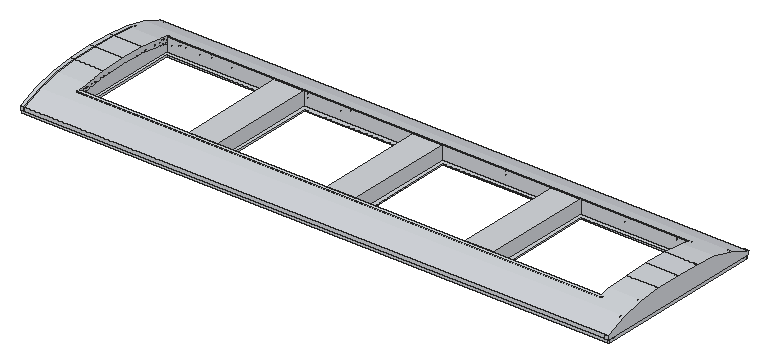
Revit family "Gira_0214733", category Electrical Fixtures, host Face, Revit 2017
Family settings
  Host = Face
  Maintain Annotation Orientation = No
  Round Connector Dimension = Use Diameter
  Part Type = Normal
  Cut with Voids When Loaded = No
  Shared = No
  Room Calculation Point = No
Parameters (values of type "Cov.fr. 4-g interm.fr. PW Gira Event Clear black")
  URL = "http://katalog.gira.de/en/datenblatt.html?artikelnr=0214733"
  Transparent = "No"
  Name = "Cov.fr. 4-g interm.fr. PW Gira Event Clear black"
  Manufacturer URL = "https://www.gira.de/"
  Manufacturer = "Gira"
  Label space/information surface = "No"
  Keynote = ""
  HeinzeBIM = "https://bimportal.heinze.de/bim/cov-fr-4-g-interm-fr-pw-gira-event-clear-black/3bb1940b64b8c304b95d7f683a54b8b8dd92617c"
  HAN = "0214733"
  GTIN = "4010337068839"
  Description = "Cov.fr.4g i.fr.PW EvCl BK,Gira Event Clear cover frame,black with pure white glossy intermediate frame,4-gang,Features:,- Shatter-proof."
  Default Elevation = 1219.2 mm
  Data sheet (1) = "https://katalog.gira.de/en/download.html?artikelnr=0214733"
  Category = "Cover frame for domestic switching devices"
  BIM (1) = "https://media.stage.bim.site/public/gira/36a6b08/Event_Rahmen_4fach.rfa"
  Available = "No"
Reference planes
  plane 1 "Center (Front/Back)": y = 0
  plane 2: z = 0
  plane 3 "Center (Left/Right)": x = 0
Forms (mm)
  Extrusion 1, solid, detail levels fine
    sketch origin (0, 0, 0.05) x (0, 1, 0) y (0, 0, 1)
      loop
        arc (12.445, 9.683) -> (6.223, 9.833) -> (0, 9.85) r 291.636
        arc (0, 9.85) -> (-6.223, 9.833) -> (-12.445, 9.683) r 291.636
        arc (-12.445, 9.683) -> (-29.14, 7.482) -> (-45, 1.823) r 79.728
        line (-45, 1.823) -> (-45, -0.05) -> (-42.086, -0.05)
        arc (-42.086, -0.05) -> (-21.385, 5.559) -> (0, 7.206) r 114.424
        arc (0, 7.206) -> (21.385, 5.559) -> (42.086, -0.05) r 114.424
        line (42.086, -0.05) -> (45, -0.05) -> (45, 1.823)
        arc (45, 1.823) -> (29.14, 7.482) -> (12.445, 9.683) r 79.728
    from -151.95 to 151.935
  Extrusion 2, void, detail levels fine
    sketch origin (0, 0, 0) x (1, 0, 0) y (0, 1, 0)
      loop
        line (134.95, 28.035) -> (-134.95, 28.035) -> (-134.95, -28.035) -> (134.95, -28.035) -> (134.95, 28.035)
    from 0.724 to 11
  Extrusion 3, solid, detail levels coarse
    sketch origin (0, 0, 0) x (1, 0, 0) y (0, 1, 0)
      loop
        line (-151.95, 45) -> (-151.95, -45) -> (151.935, -45) -> (151.935, 45) -> (-151.95, 45)
    from -1.5 to 9.9
  Extrusion 4, solid, detail levels medium
    sketch origin (0, 0, 0.05) x (0, 1, 0) y (0, 0, 1)
      loop
        arc (12.445, 9.683) -> (6.223, 9.833) -> (0, 9.85) r 291.636
        arc (0, 9.85) -> (-6.223, 9.833) -> (-12.445, 9.683) r 291.636
        arc (-12.445, 9.683) -> (-29.14, 7.482) -> (-45, 1.823) r 79.728
        line (-45, 1.823) -> (-45, -0.05) -> (45, -0.05) -> (45, 1.823)
        arc (45, 1.823) -> (29.14, 7.482) -> (12.445, 9.683) r 79.728
    from -151.95 to 151.935
  Extrusion 5, solid, detail levels fine
    sketch origin (-106.95, 0, -1.5) x (0, 1, 0) y (0, 0, -1)
      loop
        line (45, -3.373) -> (45, -1.5) -> (-45, -1.5) -> (-45, -3.373)
        arc (-45, -3.373) -> (-29.14, -9.032) -> (-12.445, -11.233) r 79.728
        arc (-12.445, -11.233) -> (-6.223, -11.383) -> (0, -11.4) r 291.636
        arc (0, -11.4) -> (6.223, -11.383) -> (12.445, -11.233) r 291.636
        arc (12.445, -11.233) -> (29.14, -9.032) -> (45, -3.373) r 79.728
    from 43 to 45
  Extrusion 6, solid, detail levels fine
    sketch origin (0, 0, 0) x (1, 0, 0) y (0, 1, 0)
      loop
        line (-132.85, 25.7) -> (-132.85, -25.7) -> (-81.05, -25.7) -> (-81.05, 25.7) -> (-132.85, 25.7)
      loop
        line (-9.755, -25.7) -> (-9.755, 25.7) -> (-61.555, 25.7) -> (-61.555, -25.7) -> (-9.755, -25.7)
      loop
        line (-135.845, 28.49) -> (-135.845, -28.495)
        spline (-135.845, -28.495) -> (-135.836, -28.625) -> (-135.811, -28.754) -> (-135.769, -28.878) -> (-135.711, -28.995) -> (-135.638, -29.104) -> (-135.552, -29.202) -> (-135.454, -29.288) -> (-135.345, -29.361) -> (-135.228, -29.419) -> (-135.104, -29.461) -> (-134.975, -29.486) -> (-134.845, -29.495)
        line (-134.845, -29.495) -> (134.845, -29.495)
        spline (134.845, -29.495) -> (134.975, -29.486) -> (135.104, -29.461) -> (135.228, -29.419) -> (135.345, -29.361) -> (135.454, -29.288) -> (135.552, -29.202) -> (135.638, -29.104) -> (135.711, -28.995) -> (135.769, -28.878) -> (135.811, -28.754) -> (135.836, -28.625) -> (135.845, -28.495)
        line (135.845, -28.495) -> (135.845, 28.49)
        spline (135.845, 28.49) -> (135.836, 28.62) -> (135.811, 28.748) -> (135.769, 28.872) -> (135.711, 28.99) -> (135.638, 29.098) -> (135.552, 29.197) -> (135.454, 29.283) -> (135.345, 29.356) -> (135.228, 29.413) -> (135.104, 29.456) -> (134.975, 29.481) -> (134.845, 29.49)
        line (134.845, 29.49) -> (-134.845, 29.49)
        spline (-134.845, 29.49) -> (-134.975, 29.481) -> (-135.104, 29.456) -> (-135.228, 29.413) -> (-135.345, 29.356) -> (-135.454, 29.283) -> (-135.552, 29.197) -> (-135.638, 29.098) -> (-135.711, 28.99) -> (-135.769, 28.872) -> (-135.811, 28.748) -> (-135.836, 28.62) -> (-135.845, 28.49)
      loop
        line (61.545, -25.7) -> (61.545, 25.7) -> (9.745, 25.7) -> (9.745, -25.7) -> (61.545, -25.7)
      loop
        line (132.85, -25.7) -> (132.85, 25.7) -> (81.05, 25.7) -> (81.05, -25.7) -> (132.85, -25.7)
    from 0.1 to 7.3
  Extrusion 7, solid
    sketch origin (0, 0, 0) x (1, 0, 0) y (0, 1, 0)
      loop
        arc (-151.65, -44.218) -> (-151.504, -44.572) -> (-151.15, -44.718) r 0.5
        line (-151.15, -44.718) -> (151.15, -44.718)
        arc (151.15, -44.718) -> (151.504, -44.572) -> (151.65, -44.218) r 0.5
        line (151.65, -44.218) -> (151.65, 44.182)
        arc (151.65, 44.182) -> (151.504, 44.535) -> (151.15, 44.682) r 0.5
        line (151.15, 44.682) -> (-151.15, 44.682)
        arc (-151.15, 44.682) -> (-151.504, 44.535) -> (-151.65, 44.182) r 0.5
        line (-151.65, 44.182) -> (-151.65, -44.218)
      loop
        line (-149.95, 42.982) -> (-149.95, -43.018) -> (149.95, -43.018) -> (149.95, 42.982) -> (-149.95, 42.982)
    from -1.5 to 0.5
  Extrusion 8, solid, detail levels fine
    sketch origin (106.935, 0, -1.5) x (0, 1, 0) y (0, 0, 1)
      loop
        arc (45, 3.373) -> (29.14, 9.032) -> (12.445, 11.233) r 79.728
        arc (12.445, 11.233) -> (6.223, 11.383) -> (0, 11.4) r 291.636
        arc (0, 11.4) -> (-6.223, 11.383) -> (-12.445, 11.233) r 291.636
        arc (-12.445, 11.233) -> (-29.14, 9.032) -> (-45, 3.373) r 79.728
        line (-45, 3.373) -> (-45, 1.5) -> (45, 1.5) -> (45, 3.373)
    from 43 to 45
  Extrusion 9, solid, detail levels medium
    sketch origin (0, 0, 0) x (1, 0, 0) y (0, 1, 0)
      loop
        line (-151.65, -44.718) -> (151.65, -44.718) -> (151.65, 44.682) -> (-151.65, 44.682) -> (-151.65, -44.718)
    from -1.5 to 0.5
  Extrusion 10, solid, detail levels fine
    sketch origin (-69.857, 0, 0) x (1, 0, 0) y (0, 1, 0)
      loop
        line (-8.943, 28.063) -> (-8.943, -27.937) -> (6.057, -27.937) -> (6.057, 28.063) -> (-8.943, 28.063)
    from 0.724 to 7.566
  Extrusion 11, solid, detail levels fine
    sketch origin (-1.443, 0, 0) x (-1, 0, 0) y (0, -1, 0)
      loop
        line (-8.943, -28.063) -> (6.057, -28.063) -> (6.057, 27.937) -> (-8.943, 27.937) -> (-8.943, -28.063)
    from 0.724 to 7.566
  Extrusion 12, solid, detail levels fine
    sketch origin (69.857, 0, 0) x (-1, 0, 0) y (0, -1, 0)
      loop
        line (-8.943, -28.063) -> (6.057, -28.063) -> (6.057, 27.937) -> (-8.943, 27.937) -> (-8.943, -28.063)
    from 0.724 to 7.566
Cuts and joins
  Extrusion 2 cuts Extrusion 1
  Extrusion 2 cuts Extrusion 6
Dimensions and locks
  aligned and locked: plane 2 to host face
  aligned and locked: level to host face
